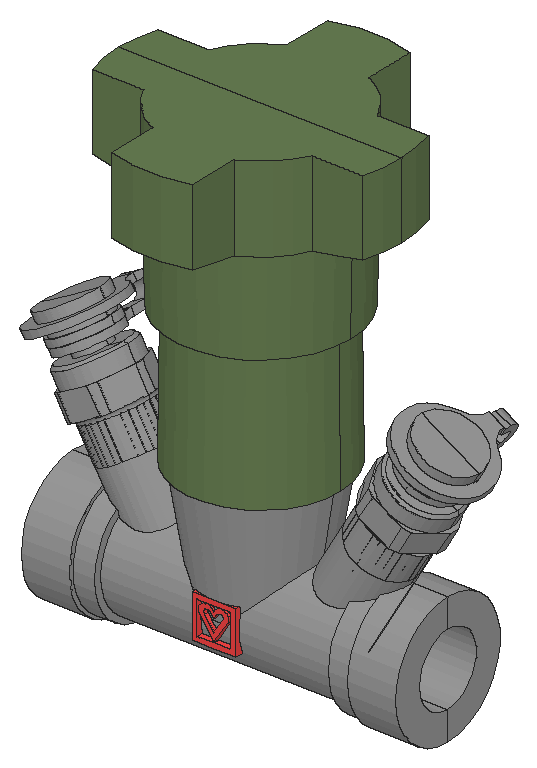
Revit family "Strangregulierventil mit Messventilen für Trinkwasseranlagen 4217 GNW", category Rohrzubehör, Revit 2021
Family settings
  Bemaßung runder Anschluss = Durchmesser verwenden
  Teiletyp = Unterbricht
  OmniClass-Nummer = 23.65.55.14
  OmniClass-Titel = Valves for Liquid Services
  Arbeitsebenenbasiert = Nein
  Immer vertikal = Ja
  Beim Laden mit Abzugskörper schneiden = Nein
  Gemeinsam genutzt = Nein
Parameters
  kvs-Wert [instance] = if(Nennweite = 15.00 mm, 1.14, if(Nennweite = 20.00 mm, 2.38, if(Nennweite = 25.00 mm, 5.24, if(Nennweite = 32.00 mm, 8.6, if(Nennweite = 40.00 mm, 10.49, if(Nennweite = 50.00 mm, 16.78, 0))))))  # 1.14
  W02 = 60.00°  # constant formula
  W01 = 30.00°  # constant formula
  Vorgabe-Ansicht = 0.00 mm
  URL = "www.herz-armaturen.at"
  Spindelabdichtung = "Doppel-O-Ring aus EPDM"  # constant formula
  Spindel = "Messing CW725N"  # constant formula
  SC_NennweiteBerechnet = 0
  SC_Dimension = ""
  SCTWSEQ = "FW;SBT_TYP_FW=\"109\";2"
  SCTWCODE = "04;00;02"  # constant formula
  S02 = 60.00 mm  # constant formula
  S01 [instance] = DN15_DN50  # 92.00 mm
  R01 [instance] = size_lookup("4217_GNW_", "R1", 1.00 mm, Nennweite)  # 11.35 mm
  Nennweite [instance] = 15.00 mm
  Medium = "Trinkwasser"
  Max. Betriebstemperatur = 85 °C  # constant formula
  Max. Betriebsdruck = 2500000.0 Pa  # constant formula
  ML02 [instance] = size_lookup("4217_GNW_", "ML2", 1.00 mm, Nennweite)  # 29.70 mm
  ML01 [instance] = size_lookup("4217_GNW_", "ML1", 1.00 mm, Nennweite)  # 15.15 mm
  MD01 = 7.40 mm  # constant formula
  L02 [instance] = size_lookup("4217_GNW_", "L2", 1.00 mm, Nennweite)  # 10.00 mm
  L01 [instance] = size_lookup("4217_GNW_", "L1", 1.00 mm, Nennweite)  # 14.70 mm
  L00 [instance] = size_lookup("4217_GNW_", "L", 1.00 mm, Nennweite)  # 78.00 mm
  Innengewinde = "gem. ISO 7/1"  # constant formula
  IG [instance] = Nennweite / 2  # 7.50 mm
  Hersteller = "HERZ Armaturen Ges.m.b.H."  # constant formula
  Handrad = "Polyamid, grün"  # constant formula
  H01 = 41.50 mm  # constant formula
  H00 [instance] = size_lookup("4217_GNW_", "H", 1.00 mm, Nennweite)  # 25.40 mm
  Gewicht [instance] = if(Nennweite = 15.00 mm, "0.50 kg", if(Nennweite = 20.00 mm, "0.58 kg", if(Nennweite = 25.00 mm, "0.81 kg", if(Nennweite = 32.00 mm, "1.2 kg", if(Nennweite = 40.00 mm, "1.37 kg", if(Nennweite = 50.00 mm, "2.06 kg", "0 kg"))))))  # "0.50 kg"
  Gehäuse = "Messing CW725N"  # constant formula
  GT [instance] = size_lookup("4217_GNW_", "GT", 1.00 mm, Nennweite)  # 13.20 mm
  Einbaulage = "Bedingt durch die senkrecht zur Ventilachse angeordnete, nichtsteigende Ventilspindel ist für jede Einbaulage optimale Zugängigkeit und Bedienbarkeit des Ventils gewährleistet."
  Differenzdruckmessung = "STRÖMAX-GNW Strangregulierventil ist mit zwei Messventilen ausgestattet.\r\nBei Verwendung eines geeigneten Messgerätes kann der Differenzdruck gemessen und dadurch die jeweilige Durchflussmenge in Abhängigkeit der Einstellstufe ermittelt werden.\r\nAm HERZ-Messcomputer (1 8900 05) ist außerdem direkt die jeweilige Durchflussmenge ablesbar (siehe Gerätehandbuch)."
  DN50 [instance] = Nennweite = 50.00 mm  # no
  DN40 [instance] = Nennweite = 40.00 mm  # no
  DN32 [instance] = Nennweite = 32.00 mm  # no
  DN25 [instance] = Nennweite = 25.00 mm  # no
  DN20 [instance] = Nennweite = 20.00 mm  # no
  DN15_DN50 [instance] = if(Nennweite = 15.00 mm, 92.00 mm, if(Nennweite = 20.00 mm, 95.00 mm, if(Nennweite = 25.00 mm, 102.00 mm, if(Nennweite = 32.00 mm, 114.00 mm, if(Nennweite = 40.00 mm, 114.00 mm, if(Nennweite = 50.00 mm, 119.00 mm, 0.00 mm))))))  # 92.00 mm
  DN15 [instance] = Nennweite = 15.00 mm  # yes
  D05 = 16.75 mm  # constant formula
  D04 = 16.25 mm  # constant formula
  D03 [instance] = size_lookup("4217_GNW_", "D3", 1.00 mm, Nennweite)  # 15.50 mm
  D02 [instance] = size_lookup("4217_GNW_", "D2", 1.00 mm, Nennweite)  # 13.50 mm
  D01 [instance] = size_lookup("4217_GNW_", "D1", 1.00 mm, Nennweite)  # 12.70 mm
  Bestellnummer [instance] = size_lookup("4217_GNW_", "Artnr", 0, Nennweite)  # 2421771
  Ausführung = "STRÖMAX-GNW Strangregulierventil mit Messventilen, 1/2′′ – 2′′, mit gleichprozentiger Kennlinie.\r\nGeradesitzform, gelbe Ausführung, Muffe x Muffe, nichtsteigende Spindel, Spindelabdichtung mit Doppel-O-Ring, Voreinstellung durch Hubbegrenzung mittels Innenspindel, Anzeige der Voreinstellstufe am Handradschaft.\r\n2 Messventile sind neben dem Handrad montiert."
  Anwendungen = "Zum Absperren und Regulieren von Trinkwasseranlagen in Gebäuden bzw. zum hydraulischen Abgleich von Versorgungsleitungen."
Reference planes
  plane 1 "Mitte (Vorne/hinten)": y = 0
  plane 2: z = 0
  plane 3 "Mitte (Links/rechts)": x = 0
Forms (mm)
  Revolve 1, solid, material "Messing, weicher Gelbton, geschweißt", detail levels fine
    sketch origin (0, 0, 0) x (1, 0, 0) y (0, 0, 1)
      loop
        line (-39, 13.5) -> (-39, 7.5) -> (-25.8, 7.5) -> (-25.8, 0) -> (25.8, 0) -> (25.8, 7.5) -> (39, 7.5) -> (39, 13.5) -> (29, 13.5) -> (29, 12.7) -> (24.3, 12.7) -> (24.3, 11.35) -> (-24.3, 11.35) -> (-24.3, 12.7) -> (-29, 12.7) -> (-29, 13.5) -> (-39, 13.5)
      axis (-39, 0) -> (39, 0)
    angle from 0 to 360
  Revolve 2, solid, material "Messing, weicher Gelbton, geschweißt", detail levels fine
    sketch origin (0, 0, 0) x (1, 0, 0) y (0, 0, 1)
      loop
        line (15.15, 0) -> (30, 25.721) -> (23.591, 29.421) -> (8.741, 3.7) -> (15.15, 0)
      axis (15.15, 0) -> (30, 25.721)
    angle from 0 to 360
  Revolve 3, solid, material "Messing, weicher Gelbton, geschweißt", detail levels fine
    sketch origin (0, 0, 0) x (-1, 0, 0) y (0, 0, 1)
      loop
        line (15.15, 0) -> (30, 25.721) -> (23.591, 29.421) -> (8.741, 3.7) -> (15.15, 0)
      axis (15.15, 0) -> (30, 25.721)
    angle from 0 to 360
  Revolve 4, solid, material "Messing, weicher Gelbton, geschweißt", detail levels fine
    sketch origin (0, 0, 0) x (1, 0, 0) y (0, 0, 1)
      loop
        line (0, 0) -> (0, 25.4) -> (-15.5, 25.4) -> (-11.35, 0) -> (0, 0)
      axis (0, 25.4) -> (0, 0)
    angle from 0 to 360
  Revolve 5, solid, material "Kunststoff GRÜN", detail levels fine
    sketch origin (0, 0, 0) x (1, 0, 0) y (0, 0, 1)
      loop
        line (0, 25.4) -> (0, 66.9) -> (-16.25, 66.9) -> (-16.75, 25.4) -> (0, 25.4)
      axis (0, 66.9) -> (0, 25.4)
    angle from 0 to 360
Lines and regions (mm)
  model lines, detail levels coarse+medium
    curve 1: line (-39, 0, 13.5) -> (-39, 0, -13.5)
    curve 2: line (-39, 0, -13.5) -> (39, 0, 13.5)
    curve 3: line (39, 0, 13.5) -> (39, 0, -13.5)
    curve 4: line (39, 0, -13.5) -> (-39, 0, 13.5)
    curve 5: line (0, 0, 0) -> (53.116, 0, 92)
    curve 6: line (27.135, 0, 107) -> (79.097, 0, 77)
    curve 7: line (-39, 13.5, 0) -> (-39, -13.5, 0)
    curve 8: line (-39, -13.5, 0) -> (39, 13.5, 0)
    curve 9: line (39, 13.5, 0) -> (39, -13.5, 0)
    curve 10: line (39, -13.5, 0) -> (-39, 13.5, 0)
    curve 11: line (0, 0, 0) -> (53.116, 92, 0)
    curve 12: line (27.135, 107, 0) -> (79.097, 77, 0)
Dimensions and locks
  "IG": Revolve 1 sketch curve to plane 2
  "GT": Revolve 1 sketch curve to Revolve 1 sketch curve  (x2)
  "IG": Revolve 1 sketch curve to Revolve 1 sketch curve
  "D01": Revolve 1 sketch curve to Revolve 1 sketch curve  (x2)
  "L02": Revolve 1 sketch curve to Revolve 1 sketch curve  (x2)
  "D02": Revolve 1 sketch curve to plane 2  (x2)
  equal spacing: Revolve 1 sketch curve, plane 3 "Mitte (Links/rechts)", Revolve 1 sketch curve
  "L00": Revolve 1 sketch curve to Revolve 1 sketch curve
  "R01": nested 1 to plane 1 "Mitte (Vorne/hinten)"
  "ML01": Revolve 2 sketch curve to plane 3 "Mitte (Links/rechts)"
  "ML02": Revolve 2 sketch curve to Revolve 2 sketch curve
  "MD01": Revolve 2 sketch curve to Revolve 2 sketch curve  (x2)
  "ML02": Revolve 3 sketch curve to Revolve 3 sketch curve
  "MD01": Revolve 3 sketch curve to Revolve 3 sketch curve  (x2)
  "ML01": plane 3 "Mitte (Links/rechts)" to Revolve 3 sketch curve
  "D02": curve 4 to plane 2 to curve 2
  "D02": curve 3 to plane 2 to curve 4
  equal spacing: curve 1, plane 3 "Mitte (Links/rechts)", curve 3
  "L00": curve 1 to curve 3
  equal spacing: Revolve 1, curve 5, Revolve 1
  "S01": curve 5 to plane 2
  equal spacing: curve 6, curve 5, curve 6
  "S02": curve 6 to curve 6
  "D02": curve 8 to plane 1 "Mitte (Vorne/hinten)" to curve 10
  "D02": curve 10 to plane 1 "Mitte (Vorne/hinten)" to curve 9
  equal spacing: curve 7, plane 3 "Mitte (Links/rechts)", curve 9
  "L00": curve 7 to curve 9
  equal spacing: curve 7, curve 11, curve 9
  "S01": plane 1 "Mitte (Vorne/hinten)" to curve 11
  equal spacing: curve 12, curve 11, curve 12
  "S02": curve 12 to curve 12
  "R01": Revolve 1 sketch curve to plane 2
  "H00": Revolve 4 sketch curve to plane 2
  "D03": Revolve 4 sketch curve to Revolve 4 sketch curve
  "R01": Revolve 4 sketch curve to Revolve 4 sketch curve
  "L01": Revolve 1 sketch curve to Revolve 1 sketch curve  (x2)
  "H01": Revolve 5 sketch curve to Revolve 5 sketch curve
  "H00": Revolve 5 sketch curve to plane 2
  "D04": Revolve 5 sketch curve to Revolve 5 sketch curve
  "D05": Revolve 5 sketch curve to Revolve 5 sketch curve
  "DN15_DN50": nested 14 to plane 2
  "W01": angle Revolve 2 sketch curve to plane 3 "Mitte (Links/rechts)"  (x2)
  "W01": angle plane 3 "Mitte (Links/rechts)" to Revolve 3 sketch curve  (x2)
  "W02": angle plane 2 to curve 5
  "W02": angle plane 1 "Mitte (Vorne/hinten)" to curve 11
  aligned and locked: level to plane 2
Automatic sketch dimensions
  Revolve 1 sketch curve to level = 0.00 mm  (x2)
  Revolve 1 sketch curve to Revolve 1 sketch curve = 1429.986 mm
  Revolve 1 sketch curve to Revolve 1 sketch curve = 1762.604 mm
  Revolve 2 sketch curve to level = 0.00 mm  (x2)
  Revolve 3 sketch curve to level = 0.00 mm  (x2)
  Revolve 4 sketch curve to level = 0.00 mm
  Revolve 4 sketch curve to plane 3 "Mitte (Links/rechts)" = 0.00 mm  (x2)
  Revolve 4 sketch curve to level = 366.045 mm
  Revolve 4 sketch curve to Revolve 4 sketch curve = 2188.915 mm
  Revolve 5 sketch curve to plane 3 "Mitte (Links/rechts)" = 0.00 mm  (x2)
  Revolve 5 sketch curve to level = 366.045 mm
  Revolve 5 sketch curve to Revolve 5 sketch curve = 2147.415 mm
Nested families
  nested 1: "Herz-Logo-vorne" at (0, -11.35, 0) x (0, 1, 0) z (0, 0, 1), type "Herz-Logo-vorne", detail levels fine
  nested 2: "Messstutzen_Band_Austritt_30Grad_(oben)" at (37.95, 0, 29.878), visible <- "DN50", type "Messstutzen_Band_Austritt_30Grad_(oben)", detail levels fine
    with Schutzkappe yes, Nennweite 0.00 mm, Gewicht 0.00 kg, Bestellnummer 0
  nested 3: "Messstutzen_Band_Eintritt_30Grad_(oben)" at (-37.95, 0, 29.878) x (-1, 0, 0) z (0, 0, 1), visible <- "DN50", type "Messstutzen_Band_Eintritt_30Grad_(oben)", detail levels fine
    with Schutzkappe yes, Nennweite 0.00 mm, Gewicht 0.00 kg, Bestellnummer 0
  nested 4: "Messstutzen_Band_Austritt_30Grad_(oben)" at (21.25, 0, 10.566), visible <- "DN15", type "Messstutzen_Band_Austritt_30Grad_(oben)", detail levels fine
    with Schutzkappe yes, Nennweite 0.00 mm, Gewicht 0.00 kg, Bestellnummer 0
  nested 5: "Messstutzen_Band_Eintritt_30Grad_(oben)" at (-21.25, 0, 10.566) x (-1, 0, 0) z (0, 0, 1), visible <- "DN15", type "Messstutzen_Band_Eintritt_30Grad_(oben)", detail levels fine
    with Schutzkappe yes, Nennweite 0.00 mm, Gewicht 0.00 kg, Bestellnummer 0
  nested 6: "Messstutzen_Band_Eintritt_30Grad_(oben)" at (-20.175, 0, 12.601) x (-1, 0, 0) z (0, 0, 1), visible <- "DN20", type "Messstutzen_Band_Eintritt_30Grad_(oben)", detail levels fine
    with Schutzkappe yes, Nennweite 0.00 mm, Gewicht 0.00 kg, Bestellnummer 0
  nested 7: "Messstutzen_Band_Austritt_30Grad_(oben)" at (20.175, 0, 12.601), visible <- "DN20", type "Messstutzen_Band_Austritt_30Grad_(oben)", detail levels fine
    with Schutzkappe yes, Nennweite 0.00 mm, Gewicht 0.00 kg, Bestellnummer 0
  nested 8: "Messstutzen_Band_Eintritt_30Grad_(oben)" at (-21.8, 0, 15.762) x (-1, 0, 0) z (0, 0, 1), visible <- "DN25", type "Messstutzen_Band_Eintritt_30Grad_(oben)", detail levels fine
    with Schutzkappe yes, Nennweite 0.00 mm, Gewicht 0.00 kg, Bestellnummer 0
  nested 9: "Messstutzen_Band_Austritt_30Grad_(oben)" at (21.8, 0, 15.762), visible <- "DN25", type "Messstutzen_Band_Austritt_30Grad_(oben)", detail levels fine
    with Schutzkappe yes, Nennweite 0.00 mm, Gewicht 0.00 kg, Bestellnummer 0
  nested 10: "Messstutzen_Band_Eintritt_30Grad_(oben)" at (-27.95, 0, 20.352) x (-1, 0, 0) z (0, 0, 1), visible <- "DN32", type "Messstutzen_Band_Eintritt_30Grad_(oben)", detail levels fine
    with Schutzkappe yes, Nennweite 0.00 mm, Gewicht 0.00 kg, Bestellnummer 0
  nested 11: "Messstutzen_Band_Austritt_30Grad_(oben)" at (27.95, 0, 20.352), visible <- "DN32", type "Messstutzen_Band_Austritt_30Grad_(oben)", detail levels fine
    with Schutzkappe yes, Nennweite 0.00 mm, Gewicht 0.00 kg, Bestellnummer 0
  nested 12: "Messstutzen_Band_Eintritt_30Grad_(oben)" at (-33.7, 0, 23.729) x (-1, 0, 0) z (0, 0, 1), visible <- "DN40", type "Messstutzen_Band_Eintritt_30Grad_(oben)", detail levels fine
    with Schutzkappe yes, Nennweite 0.00 mm, Gewicht 0.00 kg, Bestellnummer 0
  nested 13: "Messstutzen_Band_Austritt_30Grad_(oben)" at (33.7, 0, 23.729), visible <- "DN40", type "Messstutzen_Band_Austritt_30Grad_(oben)", detail levels fine
    with Schutzkappe yes, Nennweite 0.00 mm, Gewicht 0.00 kg, Bestellnummer 0
  nested 14: "Strangregulierventil-Handrad_(Grün) DN15-DN50" at (0, 0, 54.6), type "Strangregulierventil-Handrad_(Grün) DN15-DN50", detail levels fine
Connectors
  piping at (-25.8, 0, 0), diameter 15, driven by "Nennweite"
    settings: on Revolve 1, index 1, connector inside diameter 609.6 mm, connector length 0.00 mm, flow factor 0, pipe flow 0.0 L/s, pressure drop 0.0 Pa, fitting loss kfactor 0, connector angle 0.00°, fixture units 0, engagement length 0.00 mm, angle of deflection 0.00°, flow configuration 0, flow direction 1, fitting loss method 0, system type 29, joint type 0, gender type 0, connector reference index -1, connector utility 0, adjustable connector no, is connector primary yes, connector description ""
  piping at (25.8, 0, 0), diameter 15, driven by "Nennweite"
    settings: on Revolve 1, index 2, connector inside diameter 609.6 mm, connector length 0.00 mm, flow factor 0, pipe flow 0.0 L/s, pressure drop 0.0 Pa, fitting loss kfactor 0, connector angle 0.00°, fixture units 0, engagement length 0.00 mm, angle of deflection 0.00°, flow configuration 0, flow direction 2, fitting loss method 0, system type 29, joint type 0, gender type 0, connector reference index -1, connector utility 0, adjustable connector no, is connector primary no, connector description ""
Definition of nested family "Herz-Logo-vorne"
  Parameters (values of type "Herz-Logo-vorne")
    Default Elevation = 0.00 mm
  Reference planes
    plane 1 "Mitte (Vorne/hinten)": y = 0
    plane 2: z = 0
    plane 3 "Mitte (Links/rechts)": x = 0
  Forms (mm)
    Extrusion 1, solid
      sketch origin (0.732, -0.018, 0.017) x (0, -1, 0) y (0, 0, 1)
        loop
          line (-0.018, -4.517) -> (4.482, -4.517) -> (4.482, 4.483) -> (-4.518, 4.483) -> (-4.518, -4.517) -> (-0.018, -4.517)
        loop
          line (-0.05, -3.48) -> (3.482, -3.48) -> (3.482, 3.483) -> (-3.518, 3.483) -> (-3.518, -3.48) -> (-0.05, -3.48)
        loop
          arc (-0.018, 2.383) -> (-1.543, 3.287) -> (-3.067, 2.383) r 1.738
          arc (-3.067, 2.383) -> (-3.191, 1.899) -> (-3.067, 1.415) r 1.009
          line (-3.067, 1.415) -> (-0.018, -3.281) -> (3.032, 1.415)
          arc (3.032, 1.415) -> (3.156, 1.899) -> (3.032, 2.383) r 1.009
          arc (3.032, 2.383) -> (1.507, 3.287) -> (-0.018, 2.383) r 1.738
        loop
          arc (1.885, 1.272) -> (2.005, 1.675) -> (1.885, 2.079) r 0.74
          arc (1.885, 2.079) -> (1.265, 2.416) -> (0.644, 2.079) r 0.74
          line (0.644, 2.079) -> (-0.018, 0.97) -> (-0.679, 2.079)
          arc (-0.679, 2.079) -> (-1.3, 2.416) -> (-1.921, 2.079) r 0.74
          arc (-1.921, 2.079) -> (-2.04, 1.675) -> (-1.921, 1.272) r 0.74
          line (-1.921, 1.272) -> (-0.018, -1.658) -> (1.885, 1.272)
      from 0 to 1.5
  Dimensions and locks
    aligned and locked: level to plane 2
Definition of nested family "Messstutzen_Band_Austritt_30Grad_(oben)"
  Parameters (values of type "Messstutzen_Band_Austritt_30Grad_(oben)")
    Default Elevation = 0.00 mm
    URL = "www.herz-armaturen.at"
    Schutzkappe [instance] = yes
    Nennweite [instance] = 0.00 mm
    Manufacturer = "Herz Armaturen GmbH"  # constant formula
    Gewicht [instance] = 0.00 kg
    Bestellnummer [instance] = 0
  Reference planes
    plane 1 "Mitte (Vorne/hinten)": y = 0
    plane 2: z = 0
    plane 3 "Mitte (Links/rechts)": x = 0
  Forms (mm)
    Revolve 1, solid, detail levels fine
      sketch origin (0, 0, 0) x (0.866025, 0, -0.5) y (0.5, 0, 0.866025)
        loop
          line (-7.4, 9) -> (-5.55, 9) -> (-5.55, 6)
          arc (-5.55, 6) -> (-5.626, 5.617) -> (-5.843, 5.293) r 1
          line (-5.843, 5.293) -> (-6.455, 4.681) -> (-6.455, 0.9) -> (-5.555, 0) -> (-2, 0) -> (-2, 17.5) -> (-8.4, 17.5)
          arc (-8.4, 17.5) -> (-7.693, 17.207) -> (-7.4, 16.5) r 1
          line (-7.4, 16.5) -> (-7.4, 9)
        loop
          line (-3.7, 27) -> (-7.3, 27) -> (-7.9, 26.4) -> (-7.9, 23) -> (-2, 23) -> (-2, 35.8) -> (-3.805, 35.8) -> (-4.415, 35.19) -> (-4.415, 30.863) -> (-3.7, 30.45) -> (-3.7, 27)
        axis (0, 0) -> (0, 35.8)
      angle from 0 to 360
    Extrusion 2, solid, detail levels fine
      sketch origin (8.75, 0, 15.155) x (0, 1, 0) y (-0.866025, 0, 0.5)
        loop
          arc (-7.07, 5.156) -> (-7.578, 4.375) -> (-8, 3.544) r 8.75
          line (-8, 3.544) -> (-8, -3.544)
          arc (-8, -3.544) -> (-7.578, -4.375) -> (-7.07, -5.156) r 8.75
          line (-7.07, -5.156) -> (-0.93, -8.7)
          arc (-0.93, -8.7) -> (0, -8.75) -> (0.93, -8.7) r 8.75
          line (0.93, -8.7) -> (7.07, -5.156)
          arc (7.07, -5.156) -> (7.578, -4.375) -> (8, -3.544) r 8.75
          line (8, -3.544) -> (8, 3.544)
          arc (8, 3.544) -> (7.578, 4.375) -> (7.07, 5.156) r 8.75
          line (7.07, 5.156) -> (0.93, 8.7)
          arc (0.93, 8.7) -> (0, 8.75) -> (-0.93, 8.7) r 8.75
          line (-0.93, 8.7) -> (-7.07, 5.156)
      from 0 to 5.5
    Revolve 3, solid, visible <- "Schutzkappe", detail levels fine
      sketch origin (0, 0, 0) x (0.866025, 0, -0.5) y (0.5, 0, 0.866025)
        loop
          line (0, 35.878) -> (0, 36.678) -> (-7, 36.678) -> (-7, 33.378) -> (-6.1, 33.378) -> (-6.1, 31.678) -> (-6.9, 31.678) -> (-6.9, 30.178) -> (-4.415, 30.178) -> (-4.415, 35.268) -> (-3.805, 35.878) -> (0, 35.878)
        axis (0, 30.178) -> (0, 36.678)
      angle from 0 to 360
    Extrusion 4, solid, detail levels fine
      sketch origin (14.25, 0, 24.682) x (0, 1, 0) y (0.866025, 0, -0.5)
        loop
          circle (0, 0) r 3.7
        loop
          arc (5.505, -3.906) -> (7.288, -2.358) -> (9.582, -1.8) r 5
          line (9.582, -1.8) -> (9.582, 1.8)
          arc (9.582, 1.8) -> (7.288, 2.358) -> (5.505, 3.906) r 5
          arc (5.505, 3.906) -> (-6.75, 0) -> (5.505, -3.906) r 6.75
      from 0 to -1.5
    Extrusion 5, solid, detail levels fine
      sketch origin (16.589, 0, 28.733) x (0, 1, 0) y (0.866025, 0, -0.5)
        loop
          circle (0, 0) r 6.1
        loop
          arc (8.652, -4.495) -> (10.493, -2.527) -> (13.089, -1.8) r 5
          line (13.089, -1.8) -> (13.089, 1.8)
          arc (13.089, 1.8) -> (10.493, 2.527) -> (8.652, 4.495) r 5
          arc (8.652, 4.495) -> (-9.75, 0) -> (8.652, -4.495) r 9.75
      from 0 to -1.5
    Sweep 6, solid, detail levels fine
      path origin (1.029, 0.159, 0.98) x (-0.5, 0, -0.866025) y (0, 1, 0)
        loop
          line (-27.75, 9.582) -> (-27.75, 14.522)
          arc (-27.75, 14.522) -> (-30.089, 16.862) -> (-32.428, 14.522) r 2.339
          line (-32.428, 14.522) -> (-32.428, 13.089)
      profile origin (14.904, 12.211, 25.012) x (0.5, 0, 0.866025) y (0.866025, 0, -0.5)
        loop
          line (-0.75, -1.8) -> (0.75, -1.8) -> (0.75, 1.8) -> (-0.75, 1.8) -> (-0.75, -1.8)
  Dimensions and locks
    aligned and locked: level to plane 2
Definition of nested family "Messstutzen_Band_Eintritt_30Grad_(oben)"
  Parameters (values of type "Messstutzen_Band_Eintritt_30Grad_(oben)")
    Default Elevation = 0.00 mm
    URL = "www.herz-armaturen.at"
    Schutzkappe [instance] = yes
    Nennweite [instance] = 0.00 mm
    Manufacturer = "Herz Armaturen GmbH"  # constant formula
    Gewicht [instance] = 0.00 kg
    Bestellnummer [instance] = 0
  Reference planes
    plane 1 "Mitte (Vorne/hinten)": y = 0
    plane 2: z = 0
    plane 3 "Mitte (Links/rechts)": x = 0
  Forms (mm)
    Revolve 1, solid, detail levels fine
      sketch origin (0, 0, 0) x (0.866025, 0, -0.5) y (0.5, 0, 0.866025)
        loop
          line (-7.4, 9) -> (-5.55, 9) -> (-5.55, 6)
          arc (-5.55, 6) -> (-5.626, 5.617) -> (-5.843, 5.293) r 1
          line (-5.843, 5.293) -> (-6.455, 4.681) -> (-6.455, 0.9) -> (-5.555, 0) -> (-2, 0) -> (-2, 17.5) -> (-8.4, 17.5)
          arc (-8.4, 17.5) -> (-7.693, 17.207) -> (-7.4, 16.5) r 1
          line (-7.4, 16.5) -> (-7.4, 9)
        loop
          line (-3.7, 27) -> (-7.3, 27) -> (-7.9, 26.4) -> (-7.9, 23) -> (-2, 23) -> (-2, 35.8) -> (-3.805, 35.8) -> (-4.415, 35.19) -> (-4.415, 30.863) -> (-3.7, 30.45) -> (-3.7, 27)
        axis (0, 0) -> (0, 35.8)
      angle from 0 to 360
    Extrusion 2, solid, detail levels fine
      sketch origin (8.75, 0, 15.155) x (0, 1, 0) y (-0.866025, 0, 0.5)
        loop
          arc (-7.07, 5.156) -> (-7.578, 4.375) -> (-8, 3.544) r 8.75
          line (-8, 3.544) -> (-8, -3.544)
          arc (-8, -3.544) -> (-7.578, -4.375) -> (-7.07, -5.156) r 8.75
          line (-7.07, -5.156) -> (-0.93, -8.7)
          arc (-0.93, -8.7) -> (0, -8.75) -> (0.93, -8.7) r 8.75
          line (0.93, -8.7) -> (7.07, -5.156)
          arc (7.07, -5.156) -> (7.578, -4.375) -> (8, -3.544) r 8.75
          line (8, -3.544) -> (8, 3.544)
          arc (8, 3.544) -> (7.578, 4.375) -> (7.07, 5.156) r 8.75
          line (7.07, 5.156) -> (0.93, 8.7)
          arc (0.93, 8.7) -> (0, 8.75) -> (-0.93, 8.7) r 8.75
          line (-0.93, 8.7) -> (-7.07, 5.156)
      from 0 to 5.5
    Revolve 3, solid, visible <- "Schutzkappe", detail levels fine
      sketch origin (0, 0, 0) x (0.866025, 0, -0.5) y (0.5, 0, 0.866025)
        loop
          line (0, 35.878) -> (0, 36.678) -> (-7, 36.678) -> (-7, 33.378) -> (-6.1, 33.378) -> (-6.1, 31.678) -> (-6.9, 31.678) -> (-6.9, 30.178) -> (-4.415, 30.178) -> (-4.415, 35.268) -> (-3.805, 35.878) -> (0, 35.878)
        axis (0, 30.178) -> (0, 36.678)
      angle from 0 to 360
    Extrusion 4, solid, detail levels fine
      sketch origin (14.25, 0, 24.682) x (0, 1, 0) y (0.866025, 0, -0.5)
        loop
          circle (0, 0) r 3.7
        loop
          arc (5.505, -3.906) -> (7.288, -2.358) -> (9.582, -1.8) r 5
          line (9.582, -1.8) -> (9.582, 1.8)
          arc (9.582, 1.8) -> (7.288, 2.358) -> (5.505, 3.906) r 5
          arc (5.505, 3.906) -> (-6.75, 0) -> (5.505, -3.906) r 6.75
      from 0 to -1.5
    Extrusion 5, solid, detail levels fine
      sketch origin (16.589, 0, 28.733) x (0, 1, 0) y (0.866025, 0, -0.5)
        loop
          circle (0, 0) r 6.1
        loop
          arc (8.652, -4.495) -> (10.493, -2.527) -> (13.089, -1.8) r 5
          line (13.089, -1.8) -> (13.089, 1.8)
          arc (13.089, 1.8) -> (10.493, 2.527) -> (8.652, 4.495) r 5
          arc (8.652, 4.495) -> (-9.75, 0) -> (8.652, -4.495) r 9.75
      from 0 to -1.5
    Sweep 6, solid, detail levels fine
      path origin (0.933, -0.183, 1.116) x (-0.5, 0, -0.866025) y (0, 1, 0)
        loop
          line (-27.75, 9.582) -> (-27.75, 14.522)
          arc (-27.75, 14.522) -> (-30.089, 16.862) -> (-32.428, 14.522) r 2.339
          line (-32.428, 14.522) -> (-32.428, 13.089)
      profile origin (14.808, 11.869, 25.148) x (0.5, 0, 0.866025) y (0.866025, 0, -0.5)
        loop
          line (-0.75, -1.8) -> (0.75, -1.8) -> (0.75, 1.8) -> (-0.75, 1.8) -> (-0.75, -1.8)
  Dimensions and locks
    aligned and locked: level to plane 2
Definition of nested family "Strangregulierventil-Handrad_(Grün) DN15-DN50"
  Parameters (values of type "Strangregulierventil-Handrad_(Grün) DN15-DN50")
    Default Elevation = 0.00 mm
  Reference planes
    plane 1 "Mitte (Vorne/hinten)": y = 0
    plane 2: z = 0
    plane 3 "Mitte (Links/rechts)": x = 0
  Forms (mm)
    Revolve 1, solid, detail levels fine
      sketch origin (0, 0, 0) x (1, 0, 0) y (0, 0, 1)
        loop
          line (0, 0) -> (0, 37.4) -> (-29.4, 37.4) -> (-29.4, 21.6) -> (-19.25, 19.5) -> (-18.9, 0) -> (0, 0)
        axis (0, 37.4) -> (0, 0)
      angle from 0 to 360
    Extrusion 2, void
      sketch origin (0, 0, 0) x (1, 0, 0) y (0, 1, 0)
        loop
          arc (-8.5, 17.528) -> (-13.774, 13.774) -> (-17.528, 8.5) r 19.48
          line (-17.528, 8.5) -> (-28.144, 8.5)
          arc (-28.144, 8.5) -> (-29.4, 0) -> (-28.144, -8.5) r 29.4
          line (-28.144, -8.5) -> (-17.528, -8.5)
          arc (-17.528, -8.5) -> (-13.774, -13.774) -> (-8.5, -17.528) r 19.48
          line (-8.5, -17.528) -> (-8.5, -28.144)
          arc (-8.5, -28.144) -> (0, -29.4) -> (8.5, -28.144) r 29.4
          line (8.5, -28.144) -> (8.5, -17.528)
          arc (8.5, -17.528) -> (13.774, -13.774) -> (17.528, -8.5) r 19.48
          line (17.528, -8.5) -> (28.144, -8.5)
          arc (28.144, -8.5) -> (29.4, 0) -> (28.144, 8.5) r 29.4
          line (28.144, 8.5) -> (17.528, 8.5)
          arc (17.528, 8.5) -> (13.774, 13.774) -> (8.5, 17.528) r 19.48
          line (8.5, 17.528) -> (8.5, 28.144)
          arc (8.5, 28.144) -> (0, 29.4) -> (-8.5, 28.144) r 29.4
          line (-8.5, 28.144) -> (-8.5, 17.528)
        loop
          circle (0, 0) r 33
      from 17.15 to 46.765
  Cuts and joins
    Extrusion 2 cuts Revolve 1
  Dimensions and locks
    aligned and locked: level to plane 2
